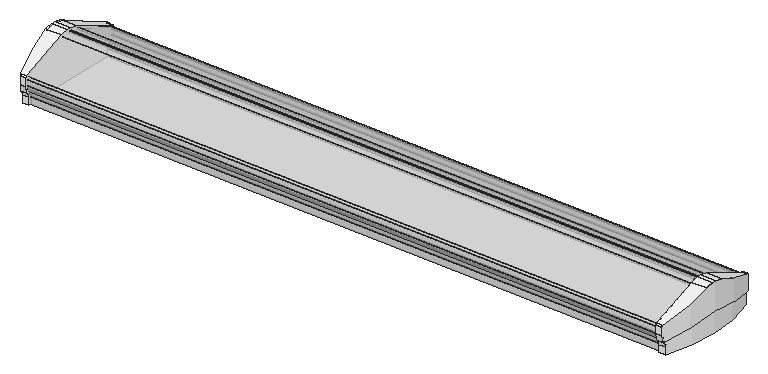
Revit family "0044897 Lighting Fixture_Sylvania_DeltaWing-LED-Electronic_Ceiling Surface", category Lighting Fixtures, host Face, Revit 2017
Family settings
  Host = Face
  Round Connector Dimension = Use Diameter
  Part Type = Normal
  OmniClass Number = 23.80.70.11.17
  OmniClass Title = Specialized Lighting by Location or Use
  Cut with Voids When Loaded = No
  Light Source = Yes
  Shared = No
  Room Calculation Point = No
Parameters (values of type "DELTAWING LED51 DALI MW 4K 1200")
  Width = 200.0 mm
  Weight = 3.50 kg
  Wattage = 50 W
  built-in parameter 1150110 = 1 (stored number, unit not read)
  Voltage Comments = "UNV (Universal Voltage; 220-240 Volt)"  # constant formula
  Voltage = 230 V  # constant formula
  URL = "http://www.sylvania-lighting.com"
  built-in parameter 1114217 = 1 (stored number, unit not read)
  Tilt Angle = -90.00°
  built-in parameter 1150109 = 1 (stored number, unit not read)
  built-in parameter 1150134 = 12
  Ta Rating = "-10°C  to +25°C"  # constant formula
  built-in parameter 1150113 = 1 (stored number, unit not read)
  Product Page URL = "http://www.sylvania-lighting.com/product/en-int/products/0044897"
  Product Family = "DELTAWING LED - ELECTRONIC"  # constant formula
  Photometry Comments = ""
  Photometric Web File = "0044897_DELTAWINGLED51DALIMW4K1200-198232.ies"
  Life = "50 000h"  # constant formula
  Length = 1218.0 mm
  LOR = "100%"
  Inrush Current (max. quantity per 16A C breaker) = "20"  # constant formula
  IP Rating = "IP44"  # constant formula
  IK Rating = "IK08"  # constant formula
  Height = 85.0 mm
  Glow Wire Test = 850 °C  # constant formula
  Glare Control = "UGR<23"  # constant formula
  Emit from Line Length = Length - 2.0 mm * 29  # 1160.0 mm
  Electrical Protection = "Class I"  # constant formula
  Drive Current = "300mA"  # constant formula
  built-in parameter 1114216 [instance] = 1 (stored number, unit not read)
  Cap Material = Plastic_Sylvania_DeltaWing_White
  Model = "DELTAWING LED51 DALI MW 4K 1200"
  Manufacturer = "Feilo Sylvania"
  built-in parameter 1150105 = 409.35 (stored number, unit not read)
  Lumens = 5144 lm
  built-in parameter 1150115 = 1 (stored number, unit not read)
  built-in parameter 1150137 = (empty or 0)
  built-in parameter 1150139 = (empty or 0)
  built-in parameter 1150112 = 1 (stored number, unit not read)
  built-in parameter 1150114 = 1 (stored number, unit not read)
  Lamp = "\tIntegrated LED"  # constant formula
  built-in parameter 1150132 = 2
  built-in parameter 1150102 = (empty or 0)
  built-in parameter 1150107 = 4000 (stored number, unit not read)
  built-in parameter 1150138 = (empty or 0)
  built-in parameter 1150106 = 4.0935 (stored number, unit not read)
  CRI (Ra) = "> 80"  # constant formula
  Body Material = Steel_Sylvania_DeltaWing_White
  built-in parameter 1150104 = 9.5579 (stored number, unit not read)
  Dimming Lamp Color Temperature Shift = <None>
  Diffuser Material = Polycarbonate_Sylvania_DeltaWing_Opal_4000K
  Description = "Low profile surface and suspended LED diffuser luminaire DeltaWing LED is perfect to fulfil a wide range of applications, including educational environments, medical buildings, storage facilities and circulation areas including stairwells High performance: delivers up to 7,260lm (luminaire lumen output on 4,000K version), and up to 102lm/W (total system efficiency) Available in neutral white (4,000K) and warm white (3,000K) Smooth Polycarbonate extruded diffuser provides high efficiency, while minimising glare Precision prisms designed to optimise light output and reduce glare Options of non-dimmable, DALI, 3 hour maintained Emergency and Integrated Microwave sensor as standard Integrated Microwave sensor mounted discretely behind the diffuser helps further reduce energy and maintenance bills Suitable for suspended mounting using wire suspension kit (to be ordered seperately) BESA box connection possibility standard on product Long lifetime: 50,000 hours life at 70% of the original output L70 Energy class: A++, A+, A"  # constant formula
  Default Elevation = 0.0 mm
  Color Filter = 16777215
  Catalog Number = "0044897 DELTAWING LED51 DALI MW 4K 1200"
  built-in parameter 1140040 [instance] = 1
  built-in parameter 1114218 = 1 (stored number, unit not read)
  built-in parameter 1150133 = 10 (stored number, unit not read)
  Assembly Code = "D5020200"
  Apparent Load = 50 VA
Reference planes
  plane 1 "Center (Front/Back)": y = 0
  plane 2 "Fixture Top": z = 0
  plane 3 "Center (Left/Right)": x = 0
  plane 4 "Fixture Left": x = -609
  plane 5 "Fixture Right": x = 609
  plane 6 "Fixture Back": y = 100
  plane 7 "Fixture Front": y = -100
  plane 8 "Cap left": x = -580
  plane 9 "Cap Right": x = 580
  plane 10 "Lamp Plane": z = 22
  plane 11 "Fixture Bottom": z = 85
  plane 12: y = 20
  plane 13: y = -20
Forms (mm)
  Extrusion 1, solid, material "Steel_Sylvania_DeltaWing_White" <- "Body Material", detail levels fine
    sketch origin (0, 0, 0) x (0, 1, 0) y (0, 0, 1)
      loop
        line (-88.5, 0) -> (88.5, 0) -> (88.5, 13.239) -> (90.848, 22) -> (88.777, 22) -> (86.5, 13.502) -> (86.5, 2) -> (-86.5, 2) -> (-86.5, 13.502) -> (-88.777, 22) -> (-90.848, 22) -> (-88.5, 13.239) -> (-88.5, 0)
    from -580 to 580
  Extrusion 2, solid, material "Polycarbonate_Sylvania_DeltaWing_Opal_4000K" <- "Diffuser Material", detail levels fine
    sketch origin (0, 0, 0) x (0, 1, 0) y (0, 0, 1)
      loop
        line (96, 33.502) -> (94.018, 26.104) -> (92.041, 26.455) -> (88.5, 13.239) -> (88.5, 0) -> (90.5, 0) -> (90.5, 12.975) -> (93.498, 24.165) -> (95.475, 23.815) -> (98, 33.238) -> (98, 44.42)
        arc (98, 44.42) -> (97.319, 46.653) -> (95.506, 48.125) r 4
        line (95.506, 48.125) -> (16.971, 80.055)
        arc (16.971, 80.055) -> (9.581, 82.257) -> (1.906, 83) r 40
        line (1.906, 83) -> (-1.906, 83)
        arc (-1.906, 83) -> (-9.581, 82.257) -> (-16.971, 80.055) r 40
        line (-16.971, 80.055) -> (-95.506, 48.125)
        arc (-95.506, 48.125) -> (-97.319, 46.653) -> (-98, 44.42) r 4
        line (-98, 44.42) -> (-98, 33.238) -> (-95.475, 23.815) -> (-93.498, 24.165) -> (-90.5, 12.975) -> (-90.5, 0) -> (-88.5, 0) -> (-88.5, 13.239) -> (-92.041, 26.455) -> (-94.018, 26.104) -> (-96, 33.502) -> (-96, 43.074)
        arc (-96, 43.074) -> (-95.319, 45.307) -> (-93.506, 46.779) r 4
        line (-93.506, 46.779) -> (-15.978, 78.299)
        arc (-15.978, 78.299) -> (-9.922, 80.17) -> (-3.638, 81) r 37.685
        line (-3.638, 81) -> (3.638, 81)
        arc (3.638, 81) -> (9.922, 80.17) -> (15.978, 78.299) r 37.685
        line (15.978, 78.299) -> (93.506, 46.779)
        arc (93.506, 46.779) -> (95.319, 45.307) -> (96, 43.074) r 4
        line (96, 43.074) -> (96, 33.502)
    from -580 to 580
  Extrusion 3, solid, material "Steel_Sylvania_DeltaWing_White" <- "Body Material", detail levels coarse+medium
    sketch origin (0, 0, 0) x (0, 1, 0) y (0, 0, 1)
      loop
        line (-16.971, 80.055) -> (-95.506, 48.125)
        arc (-95.506, 48.125) -> (-97.319, 46.653) -> (-98, 44.42) r 4
        line (-98, 44.42) -> (-98, 33.238) -> (-95.475, 23.815) -> (-93.498, 24.165) -> (-90.5, 12.975) -> (-90.5, 0) -> (90.5, 0) -> (90.5, 12.975) -> (93.498, 24.165) -> (95.475, 23.815) -> (98, 33.238) -> (98, 44.42)
        arc (98, 44.42) -> (97.319, 46.653) -> (95.506, 48.125) r 4
        line (95.506, 48.125) -> (16.971, 80.055)
        arc (16.971, 80.055) -> (9.581, 82.257) -> (1.906, 83) r 40
        line (1.906, 83) -> (-1.906, 83)
        arc (-1.906, 83) -> (-9.581, 82.257) -> (-16.971, 80.055) r 40
    from -580 to 580
Dimensions and locks
  equal spacing: plane 4 "Fixture Left", plane 3 "Center (Left/Right)", plane 5 "Fixture Right"
  "Length": plane 4 "Fixture Left" to plane 5 "Fixture Right"
  locked: plane 4 "Fixture Left" to plane 8 "Cap left" at 29
  locked: plane 9 "Cap Right" to plane 5 "Fixture Right" at 29
  "Height": plane 11 "Fixture Bottom" to plane 2 "Fixture Top"
  equal spacing: plane 6 "Fixture Back", plane 1 "Center (Front/Back)", plane 7 "Fixture Front"
  "Width": plane 6 "Fixture Back" to plane 7 "Fixture Front"
  equal spacing: plane 12, plane 1 "Center (Front/Back)", plane 13
  locked: Extrusion 1 sketch curve to Extrusion 1 sketch curve at 2
  locked: plane 10 "Lamp Plane" to Extrusion 1 sketch curve at 8.498  (x2)
  aligned and locked: level to host face
  aligned and locked: nested 1 to plane 1 "Center (Front/Back)"
  aligned and locked: nested 1 to plane 5 "Fixture Right"
  aligned and locked: nested 2 to plane 4 "Fixture Left"
  aligned and locked: plane 2 "Fixture Top" to Extrusion 1 sketch curve
  aligned and locked: Extrusion 1 to plane 8 "Cap left"
  aligned and locked: plane 9 "Cap Right" to Extrusion 1
  aligned and locked: Extrusion 2 to plane 8 "Cap left"
  aligned and locked: plane 9 "Cap Right" to Extrusion 2
  aligned and locked: Extrusion 3 sketch curve to Extrusion 2  (x2)
  aligned and locked: Extrusion 3 to plane 8 "Cap left"
  aligned and locked: plane 9 "Cap Right" to Extrusion 3
  aligned and locked: plane 2 "Fixture Top" to nested 2
  aligned and locked: nested 1 to plane 2 "Fixture Top"
  aligned and locked: plane 10 "Lamp Plane" to Extrusion 1 sketch curve  (x2)
  aligned and locked: Extrusion 3 sketch curve to plane 2 "Fixture Top"
  aligned and locked: plane 2 "Fixture Top" to Extrusion 2 sketch curve
  aligned and locked: Extrusion 2 sketch curve to plane 2 "Fixture Top"
  aligned and locked: imposter light to plane 1 "Center (Front/Back)"
  aligned and locked: plane 3 "Center (Left/Right)" to imposter light
  aligned and locked: plane 11 "Fixture Bottom" to imposter light
Automatic sketch dimensions
  host sketch curve to host sketch curve = 1713.741 mm
  host sketch curve to host sketch curve = 1283.632 mm
  plane 7 "Fixture Front" to Extrusion 2 sketch curve = 2.0 mm
  Extrusion 2 sketch curve to plane 10 "Lamp Plane" = 9.025 mm  (x2)
  Extrusion 2 sketch curve to Extrusion 2 sketch curve = 2.0 mm  (x8)
  Extrusion 2 sketch curve to Extrusion 2 sketch curve = 2.494 mm
  plane 10 "Lamp Plane" to Extrusion 2 sketch curve = 1.815 mm  (x2)
  plane 7 "Fixture Front" to Extrusion 2 sketch curve = 4.525 mm
  Extrusion 2 sketch curve to Extrusion 2 sketch curve = 1.457 mm  (x2)
  plane 10 "Lamp Plane" to Extrusion 2 sketch curve = 2.165 mm  (x2)
  Extrusion 2 sketch curve to Extrusion 2 sketch curve = 0.52 mm
  Extrusion 2 sketch curve to Extrusion 2 sketch curve = 1.977 mm  (x3)
  plane 7 "Fixture Front" to Extrusion 2 sketch curve = 9.5 mm
  plane 13 to Extrusion 2 sketch curve = 3.029 mm
  Extrusion 2 sketch curve to Extrusion 2 sketch curve = 0.993 mm  (x2)
  plane 1 "Center (Front/Back)" to Extrusion 2 sketch curve = 3.638 mm
  plane 1 "Center (Front/Back)" to Extrusion 2 sketch curve = 1.906 mm
  Extrusion 2 sketch curve to plane 1 "Center (Front/Back)" = 1.906 mm
  Extrusion 2 sketch curve to Extrusion 2 sketch curve = 1.732 mm
  plane 12 to Extrusion 2 sketch curve = 4.022 mm
  Extrusion 2 sketch curve to plane 6 "Fixture Back" = 11.5 mm
  Extrusion 2 sketch curve to plane 6 "Fixture Back" = 7.959 mm
  Extrusion 2 sketch curve to plane 6 "Fixture Back" = 6.494 mm
  Extrusion 2 sketch curve to plane 6 "Fixture Back" = 4.0 mm
  Extrusion 2 sketch curve to plane 6 "Fixture Back" = 2.0 mm
  Extrusion 2 sketch curve to Extrusion 2 sketch curve = 0.041 mm  (x2)
  Extrusion 2 sketch curve to Extrusion 2 sketch curve = 1.506 mm
  Extrusion 2 sketch curve to Extrusion 2 sketch curve = 0.494 mm
  Extrusion 2 sketch curve to Extrusion 2 sketch curve = 0.263 mm  (x4)
  Extrusion 2 sketch curve to Extrusion 2 sketch curve = 1.939 mm  (x2)
  Extrusion 2 sketch curve to Extrusion 2 sketch curve = 0.351 mm  (x2)
  Extrusion 2 sketch curve to Extrusion 2 sketch curve = 7.134 mm  (x2)
  Extrusion 2 sketch curve to Extrusion 2 sketch curve = 9.572 mm  (x2)
  Extrusion 2 sketch curve to Extrusion 2 sketch curve = 1.346 mm  (x2)
  Extrusion 2 sketch curve to plane 11 "Fixture Bottom" = 6.701 mm
  Extrusion 2 sketch curve to Extrusion 2 sketch curve = 0.0 mm
  Extrusion 2 sketch curve to Extrusion 2 sketch curve = 1.755 mm  (x2)
  Extrusion 2 sketch curve to Extrusion 2 sketch curve = 2.701 mm
  Extrusion 1 sketch curve to Extrusion 1 sketch curve = 2.0 mm  (x2)
  Extrusion 1 sketch curve to Extrusion 1 sketch curve = 0.263 mm  (x2)
  Extrusion 1 sketch curve to Extrusion 1 sketch curve = 2.071 mm  (x2)
  plane 7 "Fixture Front" to Extrusion 1 sketch curve = 9.152 mm
  plane 13 to Extrusion 3 sketch curve = 3.029 mm
  Extrusion 3 sketch curve to Extrusion 3 sketch curve = 1.506 mm  (x2)
  Extrusion 3 sketch curve to Extrusion 3 sketch curve = 11.181 mm  (x2)
  plane 10 "Lamp Plane" to Extrusion 3 sketch curve = 1.815 mm  (x2)
  plane 7 "Fixture Front" to Extrusion 3 sketch curve = 4.525 mm
  plane 10 "Lamp Plane" to Extrusion 3 sketch curve = 2.165 mm  (x2)
  Extrusion 3 sketch curve to Extrusion 3 sketch curve = 1.977 mm  (x2)
  plane 7 "Fixture Front" to Extrusion 3 sketch curve = 9.5 mm
  Extrusion 3 sketch curve to plane 10 "Lamp Plane" = 9.025 mm  (x2)
  plane 1 "Center (Front/Back)" to Extrusion 3 sketch curve = 1.906 mm
  plane 10 "Lamp Plane" to Extrusion 3 sketch curve = 21.0 mm
  plane 12 to Extrusion 3 sketch curve = 3.029 mm
  Extrusion 3 sketch curve to plane 1 "Center (Front/Back)" = 1.906 mm
  Extrusion 3 sketch curve to plane 6 "Fixture Back" = 4.494 mm
  Extrusion 3 sketch curve to Extrusion 3 sketch curve = 0.0 mm
  plane 10 "Lamp Plane" to Extrusion 3 sketch curve = 26.125 mm
  Extrusion 3 sketch curve to plane 6 "Fixture Back" = 2.0 mm
  Extrusion 3 sketch curve to plane 6 "Fixture Back" = 4.525 mm
  Extrusion 3 sketch curve to plane 6 "Fixture Back" = 9.5 mm
  Extrusion 1 sketch curve to plane 6 "Fixture Back" = 11.223 mm
  plane 7 "Fixture Front" to Extrusion 1 sketch curve = 11.5 mm
  Extrusion 1 sketch curve to plane 6 "Fixture Back" = 13.5 mm
Nested families
  nested 1: "Cap" at (580, 0, 0) x (0, 1, 0) z (0, 0, 1), type "Type"
  nested 2: "Cap" at (-580, 0, 0) x (0, 1, 0) z (0, 0, 1), type "Type"
Connectors
  electrical at (0, 0, 0), driven by "Voltage", driven by "Apparent Load"
    settings: on Extrusion 1, index 1, voltage 230 V, apparent load 0 VA, apparent load phase1 50 VA, apparent load phase2 0 VA, apparent load phase3 0 VA, power factor 1, load classification "Lighting", number of poles 1, system type 31, power factor state 1, is connector primary yes, connector utility no, sub classification motor no, connector description ""
Definition of nested family "Cap"
  Parameters
    Height = 85.0 mm
    Width = 200.0 mm
    Default Elevation = 0.0 mm
    Cap Material = none
  Reference planes
    plane 1 "Center (Front/Back)": y = 0
    plane 2: z = 0
    plane 3 "Center (Left/Right)": x = 0
    plane 4: x = 100
    plane 5: x = -100
    plane 6: y = -29
    plane 7: y = -10
    plane 8: z = 85
    plane 9: z = 17
    plane 10: z = 22
    plane 11: z = 37
  Forms (mm)
    Extrusion 1, solid, material <- "Cap Material"
      sketch origin (0, 0, 0) x (1, 0, 0) y (0, 1, 0)
        loop
          line (-100, 0) -> (-100, -10)
          arc (-100, -10) -> (0, -28.818) -> (100, -10) r 275.114
          line (100, -10) -> (100, 0) -> (-100, 0)
      from 0 to 85
    Extrusion 2, void
      sketch origin (0, 0, 0) x (1, 0, 0) y (0, 0, 1)
        loop
          line (-92.5, 0) -> (-92.5, 12.712) -> (-94.955, 21.876) -> (-96.887, 21.358) -> (-101.913, 40.115)
          arc (-101.913, 40.115) -> (-101.345, 45.755) -> (-97.183, 49.603) r 8
          line (-97.183, 49.603) -> (-17.481, 82.006)
          arc (-17.481, 82.006) -> (-8.901, 84.444) -> (0, 85) r 41.685
          arc (0, 85) -> (8.901, 84.444) -> (17.481, 82.006) r 41.685
          line (17.481, 82.006) -> (97.183, 49.603)
          arc (97.183, 49.603) -> (101.345, 45.755) -> (101.913, 40.115) r 8
          line (101.913, 40.115) -> (96.887, 21.358) -> (94.955, 21.876) -> (92.5, 12.712) -> (92.5, 0) -> (117.5, 0) -> (117.5, 106.013) -> (-117.5, 106.013) -> (-117.5, 0) -> (-92.5, 0)
      from 0 to 250
    Extrusion 3, void
      sketch origin (0, 0, 0) x (1, 0, 0) y (0, 0, 1)
        loop
          line (-94.955, 21.876) -> (-100, 20.524) -> (-100, 0) -> (100, 0) -> (100, 20.524) -> (94.955, 21.876) -> (10.419, 36.87)
          arc (10.419, 36.87) -> (0, 37.781) -> (-10.419, 36.87) r 60
          line (-10.419, 36.87) -> (-94.955, 21.876)
      from -68.585 to 250
    Extrusion 4, solid, material <- "Cap Material"
      sketch origin (0, 0, 0) x (1, 0, 0) y (0, 1, 0)
        loop
          line (-100, 0) -> (-100, -9.525)
          arc (-100, -9.525) -> (0.169, -27.445) -> (100, -7.727) r 275.114
          line (100, -7.727) -> (100, 0) -> (-100, 0)
      from 0 to 85
    Extrusion 5, void
      sketch origin (0, 0, 0) x (1, 0, 0) y (0, 0, 1)
        loop
          line (-92.5, 0) -> (-92.5, 12.712) -> (-94.955, 21.876) -> (-96.887, 21.358) -> (-101.913, 40.115)
          arc (-101.913, 40.115) -> (-101.345, 45.755) -> (-97.183, 49.603) r 8
          line (-97.183, 49.603) -> (-17.481, 82.006)
          arc (-17.481, 82.006) -> (-8.901, 84.444) -> (0, 85) r 41.685
          arc (0, 85) -> (8.901, 84.444) -> (17.481, 82.006) r 41.685
          line (17.481, 82.006) -> (97.183, 49.603)
          arc (97.183, 49.603) -> (101.345, 45.755) -> (101.913, 40.115) r 8
          line (101.913, 40.115) -> (96.887, 21.358) -> (94.955, 21.876) -> (92.5, 12.712) -> (92.5, 0) -> (117.5, 0) -> (117.5, 106.013) -> (-117.5, 106.013) -> (-117.5, 0) -> (-92.5, 0)
      from 0 to 250
  Cuts and joins
    Extrusion 2, Extrusion 3, Extrusion 5 cuts Extrusion 1
    Extrusion 5 cuts Extrusion 4
    joined: Extrusion 1, Extrusion 4
  Dimensions and locks
    equal spacing: plane 5, plane 3 "Center (Left/Right)", plane 4
    "Width": plane 5 to plane 4
    locked: plane 1 "Center (Front/Back)" to plane 6 at 29
    plane 1 "Center (Front/Back)" to plane 7 = 10.0 mm
    "Height": plane 8 to level
    plane 9 to plane 2 = 17.0 mm
    plane 10 to plane 9 = 5.0 mm
    Extrusion 2 sketch curve to plane 5 = 7.5 mm
    aligned and locked: level to plane 2
    aligned and locked: plane 1 "Center (Front/Back)" to Extrusion 1 sketch curve
    aligned and locked: Extrusion 1 sketch curve to plane 5
    aligned and locked: Extrusion 1 sketch curve to plane 4
    aligned and locked: plane 7 to Extrusion 1 sketch curve  (x2)
    aligned and locked: Extrusion 1 to plane 2
    aligned and locked: plane 8 to Extrusion 1
  Automatic sketch dimensions
    Extrusion 1 sketch curve to plane 1 "Center (Front/Back)" = 246.296 mm
    Extrusion 2 sketch curve to plane 5 = 17.5 mm
    Extrusion 2 sketch curve to plane 9 = 4.288 mm
    Extrusion 2 sketch curve to plane 3 "Center (Left/Right)" = 0.0 mm
    Extrusion 2 sketch curve to plane 8 = 0.0 mm
    Extrusion 2 sketch curve to plane 5 = 1.913 mm
    plane 5 to Extrusion 2 sketch curve = 2.817 mm
    plane 10 to Extrusion 2 sketch curve = 0.642 mm  (x2)
    plane 5 to Extrusion 2 sketch curve = 3.113 mm
    plane 10 to Extrusion 2 sketch curve = 0.124 mm  (x2)
    Extrusion 2 sketch curve to plane 8 = 2.994 mm  (x2)
    Extrusion 2 sketch curve to plane 3 "Center (Left/Right)" = 17.481 mm
    plane 3 "Center (Left/Right)" to Extrusion 2 sketch curve = 17.481 mm
    Extrusion 2 sketch curve to plane 4 = 7.5 mm
    Extrusion 2 sketch curve to plane 4 = 5.045 mm
    Extrusion 2 sketch curve to Extrusion 2 sketch curve = 1.932 mm
    Extrusion 2 sketch curve to plane 4 = 2.817 mm
    plane 4 to Extrusion 2 sketch curve = 1.913 mm
    plane 4 to Extrusion 2 sketch curve = 17.5 mm
    plane 5 to Extrusion 2 sketch curve = 5.814 mm
    Extrusion 2 sketch curve to plane 3 "Center (Left/Right)" = 1.865 mm
    plane 3 "Center (Left/Right)" to Extrusion 2 sketch curve = 1.865 mm
    Extrusion 2 sketch curve to plane 4 = 5.814 mm
    Extrusion 2 sketch curve to Extrusion 2 sketch curve = 9.488 mm  (x2)
    plane 8 to Extrusion 2 sketch curve = 21.013 mm
    Extrusion 2 sketch curve to level = 0.0 mm  (x2)
    Extrusion 3 sketch curve to plane 3 "Center (Left/Right)" = 0.0 mm
    plane 10 to Extrusion 3 sketch curve = 0.124 mm  (x2)
    Extrusion 3 sketch curve to plane 3 "Center (Left/Right)" = 10.419 mm
    plane 3 "Center (Left/Right)" to Extrusion 3 sketch curve = 10.419 mm
    plane 11 to Extrusion 3 sketch curve = 0.13 mm
    plane 10 to Extrusion 3 sketch curve = 1.476 mm  (x2)
    Extrusion 3 sketch curve to level = 0.0 mm
    Extrusion 3 sketch curve to plane 5 = 0.0 mm
    Extrusion 3 sketch curve to Extrusion 3 sketch curve = 22.219 mm
    plane 5 to Extrusion 3 sketch curve = 5.045 mm
    Extrusion 3 sketch curve to plane 4 = 5.045 mm
    plane 4 to Extrusion 3 sketch curve = 0.0 mm
    plane 1 "Center (Front/Back)" to Extrusion 4 sketch curve = 0.0 mm
    Extrusion 4 sketch curve to plane 5 = 0.0 mm
    Extrusion 4 sketch curve to plane 4 = 0.0 mm
    plane 7 to Extrusion 4 sketch curve = 2.273 mm
    plane 7 to Extrusion 4 sketch curve = 0.475 mm
    Extrusion 4 sketch curve to plane 1 "Center (Front/Back)" = 247.658 mm
    Extrusion 5 sketch curve to level = 0.0 mm  (x2)
    Extrusion 5 sketch curve to plane 5 = 17.5 mm
    Extrusion 5 sketch curve to plane 9 = 4.288 mm  (x2)
    Extrusion 5 sketch curve to plane 3 "Center (Left/Right)" = 0.0 mm
    Extrusion 5 sketch curve to plane 8 = 0.0 mm
    Extrusion 5 sketch curve to plane 5 = 1.913 mm
    plane 5 to Extrusion 5 sketch curve = 2.817 mm
    plane 10 to Extrusion 5 sketch curve = 0.642 mm  (x2)
    plane 5 to Extrusion 5 sketch curve = 3.113 mm
    plane 10 to Extrusion 5 sketch curve = 0.124 mm  (x2)
    Extrusion 5 sketch curve to Extrusion 5 sketch curve = 1.932 mm
    Extrusion 5 sketch curve to plane 8 = 2.994 mm  (x2)
    Extrusion 5 sketch curve to plane 3 "Center (Left/Right)" = 17.481 mm
    plane 3 "Center (Left/Right)" to Extrusion 5 sketch curve = 17.481 mm
    Extrusion 5 sketch curve to plane 4 = 7.5 mm
    Extrusion 5 sketch curve to plane 4 = 5.045 mm
    Extrusion 5 sketch curve to plane 4 = 2.817 mm
    plane 4 to Extrusion 5 sketch curve = 1.913 mm
    plane 4 to Extrusion 5 sketch curve = 17.5 mm
    plane 5 to Extrusion 5 sketch curve = 5.814 mm
    Extrusion 5 sketch curve to plane 3 "Center (Left/Right)" = 1.865 mm
    plane 3 "Center (Left/Right)" to Extrusion 5 sketch curve = 1.865 mm
    Extrusion 5 sketch curve to plane 4 = 5.814 mm
    Extrusion 5 sketch curve to Extrusion 5 sketch curve = 9.488 mm  (x2)
    plane 8 to Extrusion 5 sketch curve = 21.013 mm
